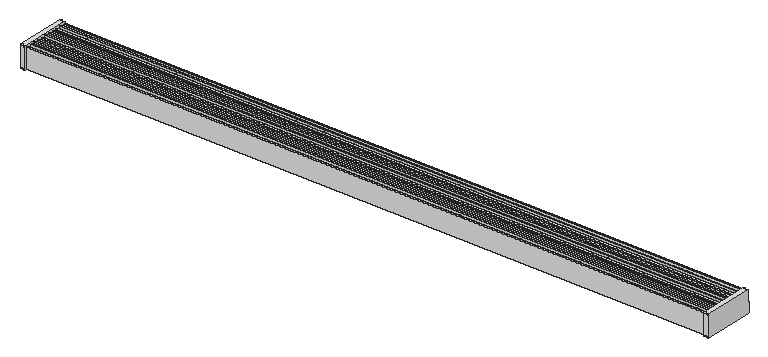
Revit family "Shower-Drain_Cover-KOHLER-Linear-K-80653_1", category Specialty Equipment, host Face, Revit 2017
Family settings
  Host = Face
  Round Connector Dimension = Use Diameter
  Part Type = Normal
  OmniClass Number = 23.31.25.00
  OmniClass Title = Toilet and Bath Specialties
  Cut with Voids When Loaded = No
  Shared = No
  Room Calculation Point = No
Parameters (values of type "SH-Bright Silver")
  Width = 36"  # constant formula
  WaterSense Certified = 1 = 0  # no
  URL = "https://www.us.kohler.com/us/"
  Type = 4
  Product Page URL = "http://www.us.kohler.com/us/catalog/productDetails.jsp?productId=80653"
  Product Name = "LINEAR"  # constant formula
  Product Documentation Link = "https://www.us.kohler.com/webassets/kpna/catalog/pdf/en/K-80653_spec_US-CA_Kohler_en.pdf"
  Model = if(Type = 1, "K-80653-2MB", if(Type = 2, "K-80653-BL", if(Type = 3, "K-80653-BNK", if(Type = 4, "K-80653-SH", "NA"))))  # "K-80653-SH"
  Material = "Aluminum"  # constant formula
  Master Format 2014 Name = "Toilet, Bath, and Laundry Accessories"  # constant formula
  Master Format 2014 = "10 28 00"  # constant formula
  Manufacturer Address = "KOHLER Co. 444 Highland Dr. Kohler, WI 53044"  # constant formula
  Manufacturer = "KOHLER Co."  # constant formula
  Length = 2 9/16"  # constant formula
  Height = 1 1/8"  # constant formula
  Finish = Kohler-Metal-SH-Bright_Silver
  Environmental Product Declaration = ""
  Description = "36 INCH LINEAR MEDIUM LINEAR DRAIN GRID"  # constant formula
  Default Elevation = 0"
  Declare Label = ""
  Date Modified = "04/13/2021"  # constant formula
  Date Created = "04/13/2021"  # constant formula
  Copyright = "Copyright KOHLER Co."  # constant formula
  Contact Us = "https://www.us.kohler.com/us/static/contact.jsp"
  Assembly Code = "C1030200"
  ADA Compliant = 1 = 0  # no
Reference planes (in)
  plane 1 "Center (Front/Back)": y = 0
  plane 2: z = 0
  plane 3 "Center (Left/Right)": x = 0
  plane 4: x = -18
  plane 5: y = 1.28125
  plane 6: y = 1.25
  plane 7: x = 18
  plane 8: y = -1.28125
  plane 9: y = -1.25
  plane 10: z = -1.125
Forms (in)
  Extrusion 1, void
    sketch origin (0, 0, 0) x (1, 0, 0) y (0, 1, 0)
      loop
        line (17.75, 1.25) -> (-17.75, 1.25) -> (-17.75, 1.295) -> (-18, 1.295) -> (-18, -1.295) -> (-17.75, -1.295) -> (-17.75, -1.25) -> (17.75, -1.25) -> (17.75, -1.295) -> (18, -1.295) -> (18, 1.295) -> (17.75, 1.295) -> (17.75, 1.25)
    from 0 to -1.15415
Dimensions and locks (in)
  "Width": plane 4 to plane 7
  "Length": plane 5 to plane 8
  plane 6 to plane 9 = 2 1/2"
  "Height": level to plane 10
  aligned and locked: plane 2 to host face
  aligned and locked: level to host face
Automatic sketch dimensions
  host sketch curve to host sketch curve = 96"  (x2)
  Extrusion 1 sketch curve to plane 4 = 0"
  plane 6 to Extrusion 1 sketch curve = 0"
  Extrusion 1 sketch curve to plane 9 = 0"
  Extrusion 1 sketch curve to plane 7 = 0"
  Extrusion 1 sketch curve to plane 4 = 1/4"  (x2)
  Extrusion 1 sketch curve to plane 7 = 1/4"  (x2)
  Extrusion 1 sketch curve to plane 8 = 0.01375"  (x2)
  Extrusion 1 sketch curve to plane 5 = 0.01375"  (x2)
Nested families (in)
  nested 1: "K-80653" at (0, 0, 0), type "K-80653"
Definition of nested family "K-80653"
  Parameters (values of type "K-80653")
    Material = none
  Reference planes (in)
    plane 1 "Center (Front/Back)": y = 0
    plane 2: z = 0
    plane 3 "Center (Left/Right)": x = 0
    plane 4: y = 1.28125
    plane 5: y = -1.28125
    plane 6: y = 1.25
    plane 7: y = -1.25
    plane 8: z = -1.125
    plane 9: x = -18
    plane 10: x = 18
  Forms (in)
    Extrusion 1, solid, material <- "Material", detail levels medium+fine
      sketch origin (0, 0, 0) x (0, 1, 0) y (0, 0, 1)
        loop
          arc (-1.255, 0) -> (-1.28328, -0.01172) -> (-1.295, -0.04) r 0.04
          line (-1.295, -0.04) -> (-1.295, -1.1)
          arc (-1.295, -1.1) -> (-1.28328, -1.12828) -> (-1.255, -1.14) r 0.04
          line (-1.255, -1.14) -> (1.255, -1.14)
          arc (1.255, -1.14) -> (1.28328, -1.12828) -> (1.295, -1.1) r 0.04
          line (1.295, -1.1) -> (1.295, -0.04)
          arc (1.295, -0.04) -> (1.28328, -0.01172) -> (1.255, 0) r 0.04
          line (1.255, 0) -> (-1.255, 0)
      from -18 to -17.75
    Extrusion 2, solid, material <- "Material", detail levels medium+fine
      sketch origin (0, 0, 0) x (0, 1, 0) y (0, 0, -1)
        loop
          line (-1.255, 0) -> (1.255, 0)
          arc (1.255, 0) -> (1.28328, 0.01172) -> (1.295, 0.04) r 0.04
          line (1.295, 0.04) -> (1.295, 1.1)
          arc (1.295, 1.1) -> (1.28328, 1.12828) -> (1.255, 1.14) r 0.04
          line (1.255, 1.14) -> (-1.255, 1.14)
          arc (-1.255, 1.14) -> (-1.28328, 1.12828) -> (-1.295, 1.1) r 0.04
          line (-1.295, 1.1) -> (-1.295, 0.04)
          arc (-1.295, 0.04) -> (-1.28328, 0.01172) -> (-1.255, 0) r 0.04
      from -18 to -17.75
    Extrusion 3, solid, material <- "Material", detail levels medium+fine
      sketch origin (0, 0, 0) x (0, 1, 0) y (0, 0, 1)
        loop
          line (0.92757, -0.175) -> (0.99243, -0.175) -> (1.01, -0.05) -> (0.91, -0.05) -> (0.92757, -0.175)
        loop
          line (1.15, -0.05) -> (1.15, -1.1) -> (1.25, -1.1) -> (1.25, -0.05) -> (1.15, -0.05)
        loop
          line (-1.15, -1.1) -> (-1.15, -0.05) -> (-1.25, -0.05) -> (-1.25, -1.1) -> (-1.15, -1.1)
        loop
          line (-0.99243, -0.175) -> (-0.92757, -0.175) -> (-0.91, -0.05) -> (-1.01, -0.05) -> (-0.99243, -0.175)
        loop
          line (-0.75243, -0.175) -> (-0.68757, -0.175) -> (-0.67, -0.05) -> (-0.77, -0.05) -> (-0.75243, -0.175)
        loop
          line (-0.51243, -0.175) -> (-0.44757, -0.175) -> (-0.43, -0.05) -> (-0.53, -0.05) -> (-0.51243, -0.175)
        loop
          line (-0.27243, -0.175) -> (-0.20757, -0.175) -> (-0.19, -0.05) -> (-0.29, -0.05) -> (-0.27243, -0.175)
        loop
          line (-0.03243, -0.175) -> (0.03243, -0.175) -> (0.05, -0.05) -> (-0.05, -0.05) -> (-0.03243, -0.175)
        loop
          line (0.20757, -0.175) -> (0.27243, -0.175) -> (0.29, -0.05) -> (0.19, -0.05) -> (0.20757, -0.175)
        loop
          line (0.44757, -0.175) -> (0.51243, -0.175) -> (0.53, -0.05) -> (0.43, -0.05) -> (0.44757, -0.175)
        loop
          line (0.68757, -0.175) -> (0.75243, -0.175) -> (0.77, -0.05) -> (0.67, -0.05) -> (0.68757, -0.175)
      from -17.75 to 17.75
    Extrusion 4, solid, material <- "Material", detail levels medium+fine
      sketch origin (0, 0, 0) x (1, 0, 0) y (0, 1, 0)
        loop
          arc (-17.23319, -1.04993) -> (-17.21588, -0.9708) -> (-17.16339, -0.90911) r 0.16707
          arc (-17.16339, -0.90911) -> (-17.13359, -0.875) -> (-17.1222, -0.83116) r 0.09854
          line (-17.1222, -0.83116) -> (-17.1222, 0.83109)
          arc (-17.1222, 0.83109) -> (-17.13358, 0.87497) -> (-17.16339, 0.90911) r 0.09854
          arc (-17.16339, 0.90911) -> (-17.21547, 0.96997) -> (-17.23324, 1.04807) r 0.16707
          arc (-17.23324, 1.04807) -> (-17.26189, 1.12003) -> (-17.33331, 1.15) r 0.10009
          line (-17.33331, 1.15) -> (-17.68588, 1.15)
          arc (-17.68588, 1.15) -> (-17.75597, 1.12097) -> (-17.785, 1.05088) r 0.09912
          line (-17.785, 1.05088) -> (-17.785, -1.04543)
          arc (-17.785, -1.04543) -> (-17.75437, -1.11937) -> (-17.68043, -1.15) r 0.10457
          line (-17.68043, -1.15) -> (-17.33036, -1.15)
          arc (-17.33036, -1.15) -> (-17.26062, -1.12051) -> (-17.23319, -1.04993) r 0.09721
        loop
          arc (-17.68588, 1.18125) -> (-17.77807, 1.14307) -> (-17.81625, 1.05088) r 0.13037
          line (-17.81625, 1.05088) -> (-17.81625, -1.04543)
          arc (-17.81625, -1.04543) -> (-17.77647, -1.14147) -> (-17.68043, -1.18125) r 0.13582
          line (-17.68043, -1.18125) -> (-17.33036, -1.18125)
          arc (-17.33036, -1.18125) -> (-17.2382, -1.14228) -> (-17.20196, -1.049) r 0.12846
          arc (-17.20196, -1.049) -> (-17.18788, -0.98468) -> (-17.14521, -0.93453) r 0.13582
          arc (-17.14521, -0.93453) -> (-17.10587, -0.88943) -> (-17.09095, -0.83148) r 0.12979
          line (-17.09095, -0.83148) -> (-17.09095, 0.83141)
          arc (-17.09095, 0.83141) -> (-17.10586, 0.8894) -> (-17.14521, 0.93453) r 0.12979
          arc (-17.14521, 0.93453) -> (-17.18755, 0.984) -> (-17.20199, 1.0475) r 0.13582
          arc (-17.20199, 1.0475) -> (-17.23959, 1.14192) -> (-17.33331, 1.18125) r 0.13134
          line (-17.33331, 1.18125) -> (-17.68588, 1.18125)
        loop
          circle (-17.0662, 1.045) r 0.09411
        loop
          arc (-16.89921, -1.04993) -> (-16.87178, -1.12051) -> (-16.80204, -1.15) r 0.09721
          line (-16.80204, -1.15) -> (-16.45197, -1.15)
          arc (-16.45197, -1.15) -> (-16.37803, -1.11937) -> (-16.3474, -1.04543) r 0.10457
          line (-16.3474, -1.04543) -> (-16.3474, 1.05088)
          arc (-16.3474, 1.05088) -> (-16.37643, 1.12097) -> (-16.44652, 1.15) r 0.09912
          line (-16.44652, 1.15) -> (-16.79909, 1.15)
          arc (-16.79909, 1.15) -> (-16.87051, 1.12003) -> (-16.89916, 1.04807) r 0.10009
          arc (-16.89916, 1.04807) -> (-16.91693, 0.96997) -> (-16.96901, 0.90911) r 0.16707
          arc (-16.96901, 0.90911) -> (-16.99882, 0.87497) -> (-17.0102, 0.83109) r 0.09854
          line (-17.0102, 0.83109) -> (-17.0102, -0.83116)
          arc (-17.0102, -0.83116) -> (-16.99881, -0.875) -> (-16.96901, -0.90911) r 0.09854
          arc (-16.96901, -0.90911) -> (-16.91652, -0.9708) -> (-16.89921, -1.04993) r 0.16707
        loop
          line (-16.44652, 1.18125) -> (-16.79909, 1.18125)
          arc (-16.79909, 1.18125) -> (-16.89281, 1.14192) -> (-16.93041, 1.0475) r 0.13134
          arc (-16.93041, 1.0475) -> (-16.94485, 0.984) -> (-16.98719, 0.93453) r 0.13582
          arc (-16.98719, 0.93453) -> (-17.02654, 0.8894) -> (-17.04145, 0.83141) r 0.12979
          line (-17.04145, 0.83141) -> (-17.04145, -0.83148)
          arc (-17.04145, -0.83148) -> (-17.02653, -0.88943) -> (-16.98719, -0.93453) r 0.12979
          arc (-16.98719, -0.93453) -> (-16.94452, -0.98468) -> (-16.93044, -1.049) r 0.13582
          arc (-16.93044, -1.049) -> (-16.8942, -1.14228) -> (-16.80204, -1.18125) r 0.12846
          line (-16.80204, -1.18125) -> (-16.45197, -1.18125)
          arc (-16.45197, -1.18125) -> (-16.35593, -1.14147) -> (-16.31615, -1.04543) r 0.13582
          line (-16.31615, -1.04543) -> (-16.31615, 1.05088)
          arc (-16.31615, 1.05088) -> (-16.35433, 1.14307) -> (-16.44652, 1.18125) r 0.13037
        loop
          circle (-17.0662, -1.045) r 0.09411
        loop
          arc (-15.68041, -1.04993) -> (-15.6631, -0.9708) -> (-15.6106, -0.90911) r 0.16707
          arc (-15.6106, -0.90911) -> (-15.5808, -0.875) -> (-15.56941, -0.83116) r 0.09854
          line (-15.56941, -0.83116) -> (-15.56941, 0.83109)
          arc (-15.56941, 0.83109) -> (-15.58079, 0.87497) -> (-15.6106, 0.90911) r 0.09854
          arc (-15.6106, 0.90911) -> (-15.66268, 0.96997) -> (-15.68045, 1.04807) r 0.16707
          arc (-15.68045, 1.04807) -> (-15.7091, 1.12003) -> (-15.78052, 1.15) r 0.10009
          line (-15.78052, 1.15) -> (-16.13309, 1.15)
          arc (-16.13309, 1.15) -> (-16.20318, 1.12097) -> (-16.23221, 1.05088) r 0.09912
          line (-16.23221, 1.05088) -> (-16.23221, -1.04543)
          arc (-16.23221, -1.04543) -> (-16.20158, -1.11937) -> (-16.12764, -1.15) r 0.10457
          line (-16.12764, -1.15) -> (-15.77757, -1.15)
          arc (-15.77757, -1.15) -> (-15.70783, -1.12051) -> (-15.68041, -1.04993) r 0.09721
        loop
          arc (-16.13309, 1.18125) -> (-16.22528, 1.14307) -> (-16.26346, 1.05088) r 0.13037
          line (-16.26346, 1.05088) -> (-16.26346, -1.04543)
          arc (-16.26346, -1.04543) -> (-16.22368, -1.14147) -> (-16.12764, -1.18125) r 0.13582
          line (-16.12764, -1.18125) -> (-15.77757, -1.18125)
          arc (-15.77757, -1.18125) -> (-15.68541, -1.14228) -> (-15.64917, -1.049) r 0.12846
          arc (-15.64917, -1.049) -> (-15.6351, -0.98468) -> (-15.59242, -0.93453) r 0.13582
          arc (-15.59242, -0.93453) -> (-15.55309, -0.88943) -> (-15.53816, -0.83148) r 0.12979
          line (-15.53816, -0.83148) -> (-15.53816, 0.83141)
          arc (-15.53816, 0.83141) -> (-15.55307, 0.8894) -> (-15.59242, 0.93453) r 0.12979
          arc (-15.59242, 0.93453) -> (-15.63476, 0.984) -> (-15.64921, 1.0475) r 0.13582
          arc (-15.64921, 1.0475) -> (-15.6868, 1.14192) -> (-15.78052, 1.18125) r 0.13134
          line (-15.78052, 1.18125) -> (-16.13309, 1.18125)
        loop
          circle (-15.51341, 1.045) r 0.09411
        loop
          arc (-15.34642, -1.04993) -> (-15.319, -1.12051) -> (-15.24925, -1.15) r 0.09721
          line (-15.24925, -1.15) -> (-14.89919, -1.15)
          arc (-14.89919, -1.15) -> (-14.82524, -1.11937) -> (-14.79461, -1.04543) r 0.10457
          line (-14.79461, -1.04543) -> (-14.79461, 1.05088)
          arc (-14.79461, 1.05088) -> (-14.82364, 1.12097) -> (-14.89373, 1.15) r 0.09912
          line (-14.89373, 1.15) -> (-15.2463, 1.15)
          arc (-15.2463, 1.15) -> (-15.31773, 1.12003) -> (-15.34638, 1.04807) r 0.10009
          arc (-15.34638, 1.04807) -> (-15.36414, 0.96997) -> (-15.41622, 0.90911) r 0.16707
          arc (-15.41622, 0.90911) -> (-15.44604, 0.87497) -> (-15.45741, 0.83109) r 0.09854
          line (-15.45741, 0.83109) -> (-15.45741, -0.83116)
          arc (-15.45741, -0.83116) -> (-15.44602, -0.875) -> (-15.41622, -0.90911) r 0.09854
          arc (-15.41622, -0.90911) -> (-15.36373, -0.9708) -> (-15.34642, -1.04993) r 0.16707
        loop
          line (-14.89373, 1.18125) -> (-15.2463, 1.18125)
          arc (-15.2463, 1.18125) -> (-15.34002, 1.14192) -> (-15.37762, 1.0475) r 0.13134
          arc (-15.37762, 1.0475) -> (-15.39207, 0.984) -> (-15.4344, 0.93453) r 0.13582
          arc (-15.4344, 0.93453) -> (-15.47376, 0.8894) -> (-15.48866, 0.83141) r 0.12979
          line (-15.48866, 0.83141) -> (-15.48866, -0.83148)
          arc (-15.48866, -0.83148) -> (-15.47374, -0.88943) -> (-15.4344, -0.93453) r 0.12979
          arc (-15.4344, -0.93453) -> (-15.39173, -0.98468) -> (-15.37766, -1.049) r 0.13582
          arc (-15.37766, -1.049) -> (-15.34142, -1.14228) -> (-15.24925, -1.18125) r 0.12846
          line (-15.24925, -1.18125) -> (-14.89919, -1.18125)
          arc (-14.89919, -1.18125) -> (-14.80315, -1.14147) -> (-14.76336, -1.04543) r 0.13582
          line (-14.76336, -1.04543) -> (-14.76336, 1.05088)
          arc (-14.76336, 1.05088) -> (-14.80155, 1.14307) -> (-14.89373, 1.18125) r 0.13037
        loop
          circle (-15.51341, -1.045) r 0.09411
        loop
          arc (-14.13062, -1.04993) -> (-14.11331, -0.9708) -> (-14.06081, -0.90911) r 0.16707
          arc (-14.06081, -0.90911) -> (-14.03101, -0.875) -> (-14.01962, -0.83116) r 0.09854
          line (-14.01962, -0.83116) -> (-14.01962, 0.83109)
          arc (-14.01962, 0.83109) -> (-14.031, 0.87497) -> (-14.06081, 0.90911) r 0.09854
          arc (-14.06081, 0.90911) -> (-14.11289, 0.96997) -> (-14.13066, 1.04807) r 0.16707
          arc (-14.13066, 1.04807) -> (-14.15931, 1.12003) -> (-14.23073, 1.15) r 0.10009
          line (-14.23073, 1.15) -> (-14.5833, 1.15)
          arc (-14.5833, 1.15) -> (-14.65339, 1.12097) -> (-14.68242, 1.05088) r 0.09912
          line (-14.68242, 1.05088) -> (-14.68242, -1.04543)
          arc (-14.68242, -1.04543) -> (-14.65179, -1.11937) -> (-14.57785, -1.15) r 0.10457
          line (-14.57785, -1.15) -> (-14.22778, -1.15)
          arc (-14.22778, -1.15) -> (-14.15804, -1.12051) -> (-14.13062, -1.04993) r 0.09721
        loop
          arc (-14.5833, 1.18125) -> (-14.67549, 1.14307) -> (-14.71367, 1.05088) r 0.13037
          line (-14.71367, 1.05088) -> (-14.71367, -1.04543)
          arc (-14.71367, -1.04543) -> (-14.67389, -1.14147) -> (-14.57785, -1.18125) r 0.13582
          line (-14.57785, -1.18125) -> (-14.22778, -1.18125)
          arc (-14.22778, -1.18125) -> (-14.13562, -1.14228) -> (-14.09938, -1.049) r 0.12846
          arc (-14.09938, -1.049) -> (-14.08531, -0.98468) -> (-14.04263, -0.93453) r 0.13582
          arc (-14.04263, -0.93453) -> (-14.0033, -0.88943) -> (-13.98837, -0.83148) r 0.12979
          line (-13.98837, -0.83148) -> (-13.98837, 0.83141)
          arc (-13.98837, 0.83141) -> (-14.00328, 0.8894) -> (-14.04263, 0.93453) r 0.12979
          arc (-14.04263, 0.93453) -> (-14.08497, 0.984) -> (-14.09942, 1.0475) r 0.13582
          arc (-14.09942, 1.0475) -> (-14.13701, 1.14192) -> (-14.23073, 1.18125) r 0.13134
          line (-14.23073, 1.18125) -> (-14.5833, 1.18125)
        loop
          circle (-13.96362, 1.045) r 0.09411
        loop
          arc (-13.79663, -1.04993) -> (-13.76921, -1.12051) -> (-13.69946, -1.15) r 0.09721
          line (-13.69946, -1.15) -> (-13.3494, -1.15)
          arc (-13.3494, -1.15) -> (-13.27545, -1.11937) -> (-13.24482, -1.04543) r 0.10457
          line (-13.24482, -1.04543) -> (-13.24482, 1.05088)
          arc (-13.24482, 1.05088) -> (-13.27385, 1.12097) -> (-13.34394, 1.15) r 0.09912
          line (-13.34394, 1.15) -> (-13.69651, 1.15)
          arc (-13.69651, 1.15) -> (-13.76794, 1.12003) -> (-13.79659, 1.04807) r 0.10009
          arc (-13.79659, 1.04807) -> (-13.81435, 0.96997) -> (-13.86643, 0.90911) r 0.16707
          arc (-13.86643, 0.90911) -> (-13.89625, 0.87497) -> (-13.90762, 0.83109) r 0.09854
          line (-13.90762, 0.83109) -> (-13.90762, -0.83116)
          arc (-13.90762, -0.83116) -> (-13.89623, -0.875) -> (-13.86643, -0.90911) r 0.09854
          arc (-13.86643, -0.90911) -> (-13.81394, -0.9708) -> (-13.79663, -1.04993) r 0.16707
        loop
          line (-13.34394, 1.18125) -> (-13.69651, 1.18125)
          arc (-13.69651, 1.18125) -> (-13.79023, 1.14192) -> (-13.82783, 1.0475) r 0.13134
          arc (-13.82783, 1.0475) -> (-13.84228, 0.984) -> (-13.88461, 0.93453) r 0.13582
          arc (-13.88461, 0.93453) -> (-13.92397, 0.8894) -> (-13.93887, 0.83141) r 0.12979
          line (-13.93887, 0.83141) -> (-13.93887, -0.83148)
          arc (-13.93887, -0.83148) -> (-13.92395, -0.88943) -> (-13.88461, -0.93453) r 0.12979
          arc (-13.88461, -0.93453) -> (-13.84194, -0.98468) -> (-13.82787, -1.049) r 0.13582
          arc (-13.82787, -1.049) -> (-13.79163, -1.14228) -> (-13.69946, -1.18125) r 0.12846
          line (-13.69946, -1.18125) -> (-13.3494, -1.18125)
          arc (-13.3494, -1.18125) -> (-13.25336, -1.14147) -> (-13.21357, -1.04543) r 0.13582
          line (-13.21357, -1.04543) -> (-13.21357, 1.05088)
          arc (-13.21357, 1.05088) -> (-13.25176, 1.14307) -> (-13.34394, 1.18125) r 0.13037
        loop
          circle (-13.96362, -1.045) r 0.09411
        loop
          line (-12.46926, -1.04784) -> (-12.46926, 1.05407)
          arc (-12.46926, 1.05407) -> (-12.49736, 1.1219) -> (-12.56519, 1.15) r 0.09593
          line (-12.56519, 1.15) -> (-13.03294, 1.15)
          arc (-13.03294, 1.15) -> (-13.10303, 1.12097) -> (-13.13206, 1.05088) r 0.09912
          line (-13.13206, 1.05088) -> (-13.13206, -1.04543)
          arc (-13.13206, -1.04543) -> (-13.10143, -1.11937) -> (-13.02749, -1.15) r 0.10457
          line (-13.02749, -1.15) -> (-12.57142, -1.15)
          arc (-12.57142, -1.15) -> (-12.49918, -1.12008) -> (-12.46926, -1.04784) r 0.10216
        loop
          arc (-13.03294, 1.18125) -> (-13.12512, 1.14307) -> (-13.16331, 1.05088) r 0.13037
          line (-13.16331, 1.05088) -> (-13.16331, -1.04543)
          arc (-13.16331, -1.04543) -> (-13.12353, -1.14147) -> (-13.02749, -1.18125) r 0.13582
          line (-13.02749, -1.18125) -> (-12.56547, -1.18125)
          arc (-12.56547, -1.18125) -> (-12.47534, -1.14392) -> (-12.43801, -1.05379) r 0.12746
          line (-12.43801, -1.05379) -> (-12.43801, 1.03678)
          arc (-12.43801, 1.03678) -> (-12.48032, 1.13893) -> (-12.58248, 1.18125) r 0.14447
          line (-12.58248, 1.18125) -> (-13.03294, 1.18125)
        loop
          arc (-12.35726, -1.04244) -> (-12.32575, -1.1185) -> (-12.24969, -1.15) r 0.10756
          line (-12.24969, -1.15) -> (-11.79903, -1.15)
          arc (-11.79903, -1.15) -> (-11.72509, -1.11937) -> (-11.69446, -1.04543) r 0.10457
          line (-11.69446, -1.04543) -> (-11.69446, 1.05088)
          arc (-11.69446, 1.05088) -> (-11.72349, 1.12097) -> (-11.79358, 1.15) r 0.09912
          line (-11.79358, 1.15) -> (-12.24557, 1.15)
          arc (-12.24557, 1.15) -> (-12.32455, 1.11729) -> (-12.35726, 1.03831) r 0.11169
          line (-12.35726, 1.03831) -> (-12.35726, -1.04244)
        loop
          line (-11.79358, 1.18125) -> (-12.23832, 1.18125)
          arc (-12.23832, 1.18125) -> (-12.34452, 1.13726) -> (-12.38851, 1.03106) r 0.15019
          line (-12.38851, 1.03106) -> (-12.38851, -1.04848)
          arc (-12.38851, -1.04848) -> (-12.34962, -1.14236) -> (-12.25574, -1.18125) r 0.13277
          line (-12.25574, -1.18125) -> (-11.79903, -1.18125)
          arc (-11.79903, -1.18125) -> (-11.70299, -1.14147) -> (-11.66321, -1.04543) r 0.13582
          line (-11.66321, -1.04543) -> (-11.66321, 1.05088)
          arc (-11.66321, 1.05088) -> (-11.70139, 1.14307) -> (-11.79358, 1.18125) r 0.13037
        loop
          arc (-11.02758, -1.04993) -> (-11.01027, -0.9708) -> (-10.95777, -0.90911) r 0.16707
          arc (-10.95777, -0.90911) -> (-10.92797, -0.875) -> (-10.91658, -0.83116) r 0.09854
          line (-10.91658, -0.83116) -> (-10.91658, 0.83109)
          arc (-10.91658, 0.83109) -> (-10.92796, 0.87497) -> (-10.95778, 0.90911) r 0.09854
          arc (-10.95778, 0.90911) -> (-11.00985, 0.96997) -> (-11.02762, 1.04807) r 0.16707
          arc (-11.02762, 1.04807) -> (-11.05627, 1.12003) -> (-11.12769, 1.15) r 0.10009
          line (-11.12769, 1.15) -> (-11.48026, 1.15)
          arc (-11.48026, 1.15) -> (-11.55035, 1.12097) -> (-11.57938, 1.05088) r 0.09912
          line (-11.57938, 1.05088) -> (-11.57938, -1.04543)
          arc (-11.57938, -1.04543) -> (-11.54876, -1.11937) -> (-11.47481, -1.15) r 0.10457
          line (-11.47481, -1.15) -> (-11.12474, -1.15)
          arc (-11.12474, -1.15) -> (-11.055, -1.12051) -> (-11.02758, -1.04993) r 0.09721
        loop
          arc (-11.48026, 1.18125) -> (-11.57245, 1.14307) -> (-11.61063, 1.05088) r 0.13037
          line (-11.61063, 1.05088) -> (-11.61063, -1.04543)
          arc (-11.61063, -1.04543) -> (-11.57085, -1.14147) -> (-11.47481, -1.18125) r 0.13582
          line (-11.47481, -1.18125) -> (-11.12474, -1.18125)
          arc (-11.12474, -1.18125) -> (-11.03258, -1.14228) -> (-10.99634, -1.049) r 0.12846
          arc (-10.99634, -1.049) -> (-10.98227, -0.98468) -> (-10.93959, -0.93453) r 0.13582
          arc (-10.93959, -0.93453) -> (-10.90026, -0.88943) -> (-10.88533, -0.83148) r 0.12979
          line (-10.88533, -0.83148) -> (-10.88533, 0.83141)
          arc (-10.88533, 0.83141) -> (-10.90024, 0.8894) -> (-10.9396, 0.93453) r 0.12979
          arc (-10.9396, 0.93453) -> (-10.98193, 0.984) -> (-10.99638, 1.0475) r 0.13582
          arc (-10.99638, 1.0475) -> (-11.03397, 1.14192) -> (-11.12769, 1.18125) r 0.13134
          line (-11.12769, 1.18125) -> (-11.48026, 1.18125)
        loop
          circle (-10.86058, 1.045) r 0.09411
        loop
          arc (-10.69359, -1.04993) -> (-10.66617, -1.12051) -> (-10.59643, -1.15) r 0.09721
          line (-10.59643, -1.15) -> (-10.24636, -1.15)
          arc (-10.24636, -1.15) -> (-10.17241, -1.11937) -> (-10.14178, -1.04543) r 0.10457
          line (-10.14178, -1.04543) -> (-10.14178, 1.05088)
          arc (-10.14178, 1.05088) -> (-10.17082, 1.12097) -> (-10.2409, 1.15) r 0.09912
          line (-10.2409, 1.15) -> (-10.59348, 1.15)
          arc (-10.59348, 1.15) -> (-10.6649, 1.12003) -> (-10.69355, 1.04807) r 0.10009
          arc (-10.69355, 1.04807) -> (-10.71132, 0.96997) -> (-10.76339, 0.90911) r 0.16707
          arc (-10.76339, 0.90911) -> (-10.79321, 0.87497) -> (-10.80458, 0.83109) r 0.09854
          line (-10.80458, 0.83109) -> (-10.80458, -0.83116)
          arc (-10.80458, -0.83116) -> (-10.7932, -0.875) -> (-10.76339, -0.90911) r 0.09854
          arc (-10.76339, -0.90911) -> (-10.7109, -0.9708) -> (-10.69359, -1.04993) r 0.16707
        loop
          line (-10.2409, 1.18125) -> (-10.59348, 1.18125)
          arc (-10.59348, 1.18125) -> (-10.6872, 1.14192) -> (-10.72479, 1.0475) r 0.13134
          arc (-10.72479, 1.0475) -> (-10.73924, 0.984) -> (-10.78157, 0.93453) r 0.13582
          arc (-10.78157, 0.93453) -> (-10.82093, 0.8894) -> (-10.83583, 0.83141) r 0.12979
          line (-10.83583, 0.83141) -> (-10.83583, -0.83148)
          arc (-10.83583, -0.83148) -> (-10.82091, -0.88943) -> (-10.78157, -0.93453) r 0.12979
          arc (-10.78157, -0.93453) -> (-10.7389, -0.98468) -> (-10.72483, -1.049) r 0.13582
          arc (-10.72483, -1.049) -> (-10.68859, -1.14228) -> (-10.59643, -1.18125) r 0.12846
          line (-10.59643, -1.18125) -> (-10.24636, -1.18125)
          arc (-10.24636, -1.18125) -> (-10.15032, -1.14147) -> (-10.11053, -1.04543) r 0.13582
          line (-10.11053, -1.04543) -> (-10.11053, 1.05088)
          arc (-10.11053, 1.05088) -> (-10.14872, 1.14307) -> (-10.2409, 1.18125) r 0.13037
        loop
          circle (-10.86058, -1.045) r 0.09411
        loop
          line (-9.36622, -1.04784) -> (-9.36622, 1.05407)
          arc (-9.36622, 1.05407) -> (-9.39432, 1.1219) -> (-9.46215, 1.15) r 0.09593
          line (-9.46215, 1.15) -> (-9.9299, 1.15)
          arc (-9.9299, 1.15) -> (-9.99999, 1.12097) -> (-10.02902, 1.05088) r 0.09912
          line (-10.02902, 1.05088) -> (-10.02902, -1.04543)
          arc (-10.02902, -1.04543) -> (-9.99839, -1.11937) -> (-9.92445, -1.15) r 0.10457
          line (-9.92445, -1.15) -> (-9.46838, -1.15)
          arc (-9.46838, -1.15) -> (-9.39614, -1.12008) -> (-9.36622, -1.04784) r 0.10216
        loop
          arc (-9.9299, 1.18125) -> (-10.02209, 1.14307) -> (-10.06027, 1.05088) r 0.13037
          line (-10.06027, 1.05088) -> (-10.06027, -1.04543)
          arc (-10.06027, -1.04543) -> (-10.02049, -1.14147) -> (-9.92445, -1.18125) r 0.13582
          line (-9.92445, -1.18125) -> (-9.46243, -1.18125)
          arc (-9.46243, -1.18125) -> (-9.3723, -1.14392) -> (-9.33497, -1.05379) r 0.12746
          line (-9.33497, -1.05379) -> (-9.33497, 1.03678)
          arc (-9.33497, 1.03678) -> (-9.37729, 1.13893) -> (-9.47944, 1.18125) r 0.14447
          line (-9.47944, 1.18125) -> (-9.9299, 1.18125)
        loop
          arc (-9.25422, -1.04244) -> (-9.22272, -1.1185) -> (-9.14666, -1.15) r 0.10756
          line (-9.14666, -1.15) -> (-8.69599, -1.15)
          arc (-8.69599, -1.15) -> (-8.62205, -1.11937) -> (-8.59142, -1.04543) r 0.10457
          line (-8.59142, -1.04543) -> (-8.59142, 1.05088)
          arc (-8.59142, 1.05088) -> (-8.62045, 1.12097) -> (-8.69054, 1.15) r 0.09912
          line (-8.69054, 1.15) -> (-9.14253, 1.15)
          arc (-9.14253, 1.15) -> (-9.22151, 1.11729) -> (-9.25422, 1.03831) r 0.11169
          line (-9.25422, 1.03831) -> (-9.25422, -1.04244)
        loop
          line (-8.69054, 1.18125) -> (-9.13528, 1.18125)
          arc (-9.13528, 1.18125) -> (-9.24148, 1.13726) -> (-9.28547, 1.03106) r 0.15019
          line (-9.28547, 1.03106) -> (-9.28547, -1.04848)
          arc (-9.28547, -1.04848) -> (-9.24658, -1.14236) -> (-9.1527, -1.18125) r 0.13277
          line (-9.1527, -1.18125) -> (-8.69599, -1.18125)
          arc (-8.69599, -1.18125) -> (-8.59995, -1.14147) -> (-8.56017, -1.04543) r 0.13582
          line (-8.56017, -1.04543) -> (-8.56017, 1.05088)
          arc (-8.56017, 1.05088) -> (-8.59835, 1.14307) -> (-8.69054, 1.18125) r 0.13037
        loop
          arc (-7.92597, -1.04993) -> (-7.90866, -0.9708) -> (-7.85617, -0.90911) r 0.16707
          arc (-7.85617, -0.90911) -> (-7.82637, -0.875) -> (-7.81498, -0.83116) r 0.09854
          line (-7.81498, -0.83116) -> (-7.81498, 0.83109)
          arc (-7.81498, 0.83109) -> (-7.82635, 0.87497) -> (-7.85617, 0.90911) r 0.09854
          arc (-7.85617, 0.90911) -> (-7.90825, 0.96997) -> (-7.92602, 1.04807) r 0.16707
          arc (-7.92602, 1.04807) -> (-7.95467, 1.12003) -> (-8.02609, 1.15) r 0.10009
          line (-8.02609, 1.15) -> (-8.37866, 1.15)
          arc (-8.37866, 1.15) -> (-8.44875, 1.12097) -> (-8.47778, 1.05088) r 0.09912
          line (-8.47778, 1.05088) -> (-8.47778, -1.04543)
          arc (-8.47778, -1.04543) -> (-8.44715, -1.11937) -> (-8.3732, -1.15) r 0.10457
          line (-8.3732, -1.15) -> (-8.02314, -1.15)
          arc (-8.02314, -1.15) -> (-7.95339, -1.12051) -> (-7.92597, -1.04993) r 0.09721
        loop
          arc (-8.37866, 1.18125) -> (-8.47084, 1.14307) -> (-8.50903, 1.05088) r 0.13037
          line (-8.50903, 1.05088) -> (-8.50903, -1.04543)
          arc (-8.50903, -1.04543) -> (-8.46925, -1.14147) -> (-8.3732, -1.18125) r 0.13582
          line (-8.3732, -1.18125) -> (-8.02314, -1.18125)
          arc (-8.02314, -1.18125) -> (-7.93097, -1.14228) -> (-7.89473, -1.049) r 0.12846
          arc (-7.89473, -1.049) -> (-7.88066, -0.98468) -> (-7.83799, -0.93453) r 0.13582
          arc (-7.83799, -0.93453) -> (-7.79865, -0.88943) -> (-7.78373, -0.83148) r 0.12979
          line (-7.78373, -0.83148) -> (-7.78373, 0.83141)
          arc (-7.78373, 0.83141) -> (-7.79863, 0.8894) -> (-7.83799, 0.93453) r 0.12979
          arc (-7.83799, 0.93453) -> (-7.88033, 0.984) -> (-7.89477, 1.0475) r 0.13582
          arc (-7.89477, 1.0475) -> (-7.93237, 1.14192) -> (-8.02609, 1.18125) r 0.13134
          line (-8.02609, 1.18125) -> (-8.37866, 1.18125)
        loop
          circle (-7.75898, 1.045) r 0.09411
        loop
          arc (-7.59199, -1.04993) -> (-7.56456, -1.12051) -> (-7.49482, -1.15) r 0.09721
          line (-7.49482, -1.15) -> (-7.14475, -1.15)
          arc (-7.14475, -1.15) -> (-7.07081, -1.11937) -> (-7.04018, -1.04543) r 0.10457
          line (-7.04018, -1.04543) -> (-7.04018, 1.05088)
          arc (-7.04018, 1.05088) -> (-7.06921, 1.12097) -> (-7.1393, 1.15) r 0.09912
          line (-7.1393, 1.15) -> (-7.49187, 1.15)
          arc (-7.49187, 1.15) -> (-7.56329, 1.12003) -> (-7.59194, 1.04807) r 0.10009
          arc (-7.59194, 1.04807) -> (-7.60971, 0.96997) -> (-7.66179, 0.90911) r 0.16707
          arc (-7.66179, 0.90911) -> (-7.6916, 0.87497) -> (-7.70298, 0.83109) r 0.09854
          line (-7.70298, 0.83109) -> (-7.70298, -0.83116)
          arc (-7.70298, -0.83116) -> (-7.69159, -0.875) -> (-7.66179, -0.90911) r 0.09854
          arc (-7.66179, -0.90911) -> (-7.6093, -0.9708) -> (-7.59199, -1.04993) r 0.16707
        loop
          line (-7.1393, 1.18125) -> (-7.49187, 1.18125)
          arc (-7.49187, 1.18125) -> (-7.58559, 1.14192) -> (-7.62319, 1.0475) r 0.13134
          arc (-7.62319, 1.0475) -> (-7.63763, 0.984) -> (-7.67997, 0.93453) r 0.13582
          arc (-7.67997, 0.93453) -> (-7.71932, 0.8894) -> (-7.73423, 0.83141) r 0.12979
          line (-7.73423, 0.83141) -> (-7.73423, -0.83148)
          arc (-7.73423, -0.83148) -> (-7.71931, -0.88943) -> (-7.67997, -0.93453) r 0.12979
          arc (-7.67997, -0.93453) -> (-7.63729, -0.98468) -> (-7.62322, -1.049) r 0.13582
          arc (-7.62322, -1.049) -> (-7.58698, -1.14228) -> (-7.49482, -1.18125) r 0.12846
          line (-7.49482, -1.18125) -> (-7.14475, -1.18125)
          arc (-7.14475, -1.18125) -> (-7.04871, -1.14147) -> (-7.00893, -1.04543) r 0.13582
          line (-7.00893, -1.04543) -> (-7.00893, 1.05088)
          arc (-7.00893, 1.05088) -> (-7.04711, 1.14307) -> (-7.1393, 1.18125) r 0.13037
        loop
          circle (-7.75898, -1.045) r 0.09411
        loop
          line (-6.26461, -1.04784) -> (-6.26461, 1.05407)
          arc (-6.26461, 1.05407) -> (-6.29271, 1.1219) -> (-6.36054, 1.15) r 0.09593
          line (-6.36054, 1.15) -> (-6.82829, 1.15)
          arc (-6.82829, 1.15) -> (-6.89838, 1.12097) -> (-6.92741, 1.05088) r 0.09912
          line (-6.92741, 1.05088) -> (-6.92741, -1.04543)
          arc (-6.92741, -1.04543) -> (-6.89679, -1.11937) -> (-6.82284, -1.15) r 0.10457
          line (-6.82284, -1.15) -> (-6.36677, -1.15)
          arc (-6.36677, -1.15) -> (-6.29454, -1.12008) -> (-6.26461, -1.04784) r 0.10216
        loop
          arc (-6.82829, 1.18125) -> (-6.92048, 1.14307) -> (-6.95866, 1.05088) r 0.13037
          line (-6.95866, 1.05088) -> (-6.95866, -1.04543)
          arc (-6.95866, -1.04543) -> (-6.91888, -1.14147) -> (-6.82284, -1.18125) r 0.13582
          line (-6.82284, -1.18125) -> (-6.36083, -1.18125)
          arc (-6.36083, -1.18125) -> (-6.2707, -1.14392) -> (-6.23336, -1.05379) r 0.12746
          line (-6.23336, -1.05379) -> (-6.23336, 1.03678)
          arc (-6.23336, 1.03678) -> (-6.27568, 1.13893) -> (-6.37784, 1.18125) r 0.14447
          line (-6.37784, 1.18125) -> (-6.82829, 1.18125)
        loop
          arc (-6.15261, -1.04244) -> (-6.12111, -1.1185) -> (-6.04505, -1.15) r 0.10756
          line (-6.04505, -1.15) -> (-5.59439, -1.15)
          arc (-5.59439, -1.15) -> (-5.52044, -1.11937) -> (-5.48981, -1.04543) r 0.10457
          line (-5.48981, -1.04543) -> (-5.48981, 1.05088)
          arc (-5.48981, 1.05088) -> (-5.51885, 1.12097) -> (-5.58893, 1.15) r 0.09912
          line (-5.58893, 1.15) -> (-6.04093, 1.15)
          arc (-6.04093, 1.15) -> (-6.1199, 1.11729) -> (-6.15261, 1.03831) r 0.11169
          line (-6.15261, 1.03831) -> (-6.15261, -1.04244)
        loop
          line (-5.58893, 1.18125) -> (-6.03368, 1.18125)
          arc (-6.03368, 1.18125) -> (-6.13987, 1.13726) -> (-6.18386, 1.03106) r 0.15019
          line (-6.18386, 1.03106) -> (-6.18386, -1.04848)
          arc (-6.18386, -1.04848) -> (-6.14498, -1.14236) -> (-6.05109, -1.18125) r 0.13277
          line (-6.05109, -1.18125) -> (-5.59439, -1.18125)
          arc (-5.59439, -1.18125) -> (-5.49835, -1.14147) -> (-5.45856, -1.04543) r 0.13582
          line (-5.45856, -1.04543) -> (-5.45856, 1.05088)
          arc (-5.45856, 1.05088) -> (-5.49675, 1.14307) -> (-5.58893, 1.18125) r 0.13037
        loop
          arc (-4.8212, -1.04993) -> (-4.80389, -0.9708) -> (-4.7514, -0.90911) r 0.16707
          arc (-4.7514, -0.90911) -> (-4.7216, -0.875) -> (-4.71021, -0.83116) r 0.09854
          line (-4.71021, -0.83116) -> (-4.71021, 0.83109)
          arc (-4.71021, 0.83109) -> (-4.72159, 0.87497) -> (-4.7514, 0.90911) r 0.09854
          arc (-4.7514, 0.90911) -> (-4.80348, 0.96997) -> (-4.82125, 1.04807) r 0.16707
          arc (-4.82125, 1.04807) -> (-4.8499, 1.12003) -> (-4.92132, 1.15) r 0.10009
          line (-4.92132, 1.15) -> (-5.27389, 1.15)
          arc (-5.27389, 1.15) -> (-5.34398, 1.12097) -> (-5.37301, 1.05088) r 0.09912
          line (-5.37301, 1.05088) -> (-5.37301, -1.04543)
          arc (-5.37301, -1.04543) -> (-5.34238, -1.11937) -> (-5.26844, -1.15) r 0.10457
          line (-5.26844, -1.15) -> (-4.91837, -1.15)
          arc (-4.91837, -1.15) -> (-4.84863, -1.12051) -> (-4.8212, -1.04993) r 0.09721
        loop
          arc (-5.27389, 1.18125) -> (-5.36608, 1.14307) -> (-5.40426, 1.05088) r 0.13037
          line (-5.40426, 1.05088) -> (-5.40426, -1.04543)
          arc (-5.40426, -1.04543) -> (-5.36448, -1.14147) -> (-5.26844, -1.18125) r 0.13582
          line (-5.26844, -1.18125) -> (-4.91837, -1.18125)
          arc (-4.91837, -1.18125) -> (-4.82621, -1.14228) -> (-4.78997, -1.049) r 0.12846
          arc (-4.78997, -1.049) -> (-4.7759, -0.98468) -> (-4.73322, -0.93453) r 0.13582
          arc (-4.73322, -0.93453) -> (-4.69388, -0.88943) -> (-4.67896, -0.83148) r 0.12979
          line (-4.67896, -0.83148) -> (-4.67896, 0.83141)
          arc (-4.67896, 0.83141) -> (-4.69387, 0.8894) -> (-4.73322, 0.93453) r 0.12979
          arc (-4.73322, 0.93453) -> (-4.77556, 0.984) -> (-4.79, 1.0475) r 0.13582
          arc (-4.79, 1.0475) -> (-4.8276, 1.14192) -> (-4.92132, 1.18125) r 0.13134
          line (-4.92132, 1.18125) -> (-5.27389, 1.18125)
        loop
          circle (-4.65421, 1.045) r 0.09411
        loop
          arc (-4.48722, -1.04993) -> (-4.45979, -1.12051) -> (-4.39005, -1.15) r 0.09721
          line (-4.39005, -1.15) -> (-4.03998, -1.15)
          arc (-4.03998, -1.15) -> (-3.96604, -1.11937) -> (-3.93541, -1.04543) r 0.10457
          line (-3.93541, -1.04543) -> (-3.93541, 1.05088)
          arc (-3.93541, 1.05088) -> (-3.96444, 1.12097) -> (-4.03453, 1.15) r 0.09912
          line (-4.03453, 1.15) -> (-4.3871, 1.15)
          arc (-4.3871, 1.15) -> (-4.45852, 1.12003) -> (-4.48717, 1.04807) r 0.10009
          arc (-4.48717, 1.04807) -> (-4.50494, 0.96997) -> (-4.55702, 0.90911) r 0.16707
          arc (-4.55702, 0.90911) -> (-4.58684, 0.87497) -> (-4.59821, 0.83109) r 0.09854
          line (-4.59821, 0.83109) -> (-4.59821, -0.83116)
          arc (-4.59821, -0.83116) -> (-4.58682, -0.875) -> (-4.55702, -0.90911) r 0.09854
          arc (-4.55702, -0.90911) -> (-4.50453, -0.9708) -> (-4.48722, -1.04993) r 0.16707
        loop
          line (-4.03453, 1.18125) -> (-4.3871, 1.18125)
          arc (-4.3871, 1.18125) -> (-4.48082, 1.14192) -> (-4.51842, 1.0475) r 0.13134
          arc (-4.51842, 1.0475) -> (-4.53286, 0.984) -> (-4.5752, 0.93453) r 0.13582
          arc (-4.5752, 0.93453) -> (-4.61455, 0.8894) -> (-4.62946, 0.83141) r 0.12979
          line (-4.62946, 0.83141) -> (-4.62946, -0.83148)
          arc (-4.62946, -0.83148) -> (-4.61454, -0.88943) -> (-4.5752, -0.93453) r 0.12979
          arc (-4.5752, -0.93453) -> (-4.53253, -0.98468) -> (-4.51845, -1.049) r 0.13582
          arc (-4.51845, -1.049) -> (-4.48222, -1.14228) -> (-4.39005, -1.18125) r 0.12846
          line (-4.39005, -1.18125) -> (-4.03998, -1.18125)
          arc (-4.03998, -1.18125) -> (-3.94394, -1.14147) -> (-3.90416, -1.04543) r 0.13582
          line (-3.90416, -1.04543) -> (-3.90416, 1.05088)
          arc (-3.90416, 1.05088) -> (-3.94235, 1.14307) -> (-4.03453, 1.18125) r 0.13037
        loop
          circle (-4.65421, -1.045) r 0.09411
        loop
          line (-3.15985, -1.04784) -> (-3.15985, 1.05407)
          arc (-3.15985, 1.05407) -> (-3.18794, 1.1219) -> (-3.25578, 1.15) r 0.09593
          line (-3.25578, 1.15) -> (-3.72353, 1.15)
          arc (-3.72353, 1.15) -> (-3.79362, 1.12097) -> (-3.82265, 1.05088) r 0.09912
          line (-3.82265, 1.05088) -> (-3.82265, -1.04543)
          arc (-3.82265, -1.04543) -> (-3.79202, -1.11937) -> (-3.71807, -1.15) r 0.10457
          line (-3.71807, -1.15) -> (-3.262, -1.15)
          arc (-3.262, -1.15) -> (-3.18977, -1.12008) -> (-3.15985, -1.04784) r 0.10216
        loop
          arc (-3.72353, 1.18125) -> (-3.81571, 1.14307) -> (-3.8539, 1.05088) r 0.13037
          line (-3.8539, 1.05088) -> (-3.8539, -1.04543)
          arc (-3.8539, -1.04543) -> (-3.81411, -1.14147) -> (-3.71807, -1.18125) r 0.13582
          line (-3.71807, -1.18125) -> (-3.25606, -1.18125)
          arc (-3.25606, -1.18125) -> (-3.16593, -1.14392) -> (-3.1286, -1.05379) r 0.12746
          line (-3.1286, -1.05379) -> (-3.1286, 1.03678)
          arc (-3.1286, 1.03678) -> (-3.17091, 1.13893) -> (-3.27307, 1.18125) r 0.14447
          line (-3.27307, 1.18125) -> (-3.72353, 1.18125)
        loop
          arc (-3.04785, -1.04244) -> (-3.01634, -1.1185) -> (-2.94028, -1.15) r 0.10756
          line (-2.94028, -1.15) -> (-2.48962, -1.15)
          arc (-2.48962, -1.15) -> (-2.41568, -1.11937) -> (-2.38505, -1.04543) r 0.10457
          line (-2.38505, -1.04543) -> (-2.38505, 1.05088)
          arc (-2.38505, 1.05088) -> (-2.41408, 1.12097) -> (-2.48417, 1.15) r 0.09912
          line (-2.48417, 1.15) -> (-2.93616, 1.15)
          arc (-2.93616, 1.15) -> (-3.01513, 1.11729) -> (-3.04785, 1.03831) r 0.11169
          line (-3.04785, 1.03831) -> (-3.04785, -1.04244)
        loop
          line (-2.48417, 1.18125) -> (-2.92891, 1.18125)
          arc (-2.92891, 1.18125) -> (-3.03511, 1.13726) -> (-3.0791, 1.03106) r 0.15019
          line (-3.0791, 1.03106) -> (-3.0791, -1.04848)
          arc (-3.0791, -1.04848) -> (-3.04021, -1.14236) -> (-2.94633, -1.18125) r 0.13277
          line (-2.94633, -1.18125) -> (-2.48962, -1.18125)
          arc (-2.48962, -1.18125) -> (-2.39358, -1.14147) -> (-2.3538, -1.04543) r 0.13582
          line (-2.3538, -1.04543) -> (-2.3538, 1.05088)
          arc (-2.3538, 1.05088) -> (-2.39198, 1.14307) -> (-2.48417, 1.18125) r 0.13037
        loop
          arc (-1.72269, -1.04993) -> (-1.70538, -0.9708) -> (-1.65289, -0.90911) r 0.16707
          arc (-1.65289, -0.90911) -> (-1.62309, -0.875) -> (-1.6117, -0.83116) r 0.09854
          line (-1.6117, -0.83116) -> (-1.6117, 0.83109)
          arc (-1.6117, 0.83109) -> (-1.62307, 0.87497) -> (-1.65289, 0.90911) r 0.09854
          arc (-1.65289, 0.90911) -> (-1.70497, 0.96997) -> (-1.72273, 1.04807) r 0.16707
          arc (-1.72273, 1.04807) -> (-1.75139, 1.12003) -> (-1.82281, 1.15) r 0.10009
          line (-1.82281, 1.15) -> (-2.17538, 1.15)
          arc (-2.17538, 1.15) -> (-2.24547, 1.12097) -> (-2.2745, 1.05088) r 0.09912
          line (-2.2745, 1.05088) -> (-2.2745, -1.04543)
          arc (-2.2745, -1.04543) -> (-2.24387, -1.11937) -> (-2.16992, -1.15) r 0.10457
          line (-2.16992, -1.15) -> (-1.81986, -1.15)
          arc (-1.81986, -1.15) -> (-1.75011, -1.12051) -> (-1.72269, -1.04993) r 0.09721
        loop
          arc (-2.17538, 1.18125) -> (-2.26756, 1.14307) -> (-2.30575, 1.05088) r 0.13037
          line (-2.30575, 1.05088) -> (-2.30575, -1.04543)
          arc (-2.30575, -1.04543) -> (-2.26597, -1.14147) -> (-2.16992, -1.18125) r 0.13582
          line (-2.16992, -1.18125) -> (-1.81986, -1.18125)
          arc (-1.81986, -1.18125) -> (-1.72769, -1.14228) -> (-1.69145, -1.049) r 0.12846
          arc (-1.69145, -1.049) -> (-1.67738, -0.98468) -> (-1.63471, -0.93453) r 0.13582
          arc (-1.63471, -0.93453) -> (-1.59537, -0.88943) -> (-1.58045, -0.83148) r 0.12979
          line (-1.58045, -0.83148) -> (-1.58045, 0.83141)
          arc (-1.58045, 0.83141) -> (-1.59535, 0.8894) -> (-1.63471, 0.93453) r 0.12979
          arc (-1.63471, 0.93453) -> (-1.67705, 0.984) -> (-1.69149, 1.0475) r 0.13582
          arc (-1.69149, 1.0475) -> (-1.72909, 1.14192) -> (-1.82281, 1.18125) r 0.13134
          line (-1.82281, 1.18125) -> (-2.17538, 1.18125)
        loop
          circle (-1.5557, 1.045) r 0.09411
        loop
          arc (-1.3887, -1.04993) -> (-1.36128, -1.12051) -> (-1.29154, -1.15) r 0.09721
          line (-1.29154, -1.15) -> (-0.94147, -1.15)
          arc (-0.94147, -1.15) -> (-0.86753, -1.11937) -> (-0.8369, -1.04543) r 0.10457
          line (-0.8369, -1.04543) -> (-0.8369, 1.05088)
          arc (-0.8369, 1.05088) -> (-0.86593, 1.12097) -> (-0.93602, 1.15) r 0.09912
          line (-0.93602, 1.15) -> (-1.28859, 1.15)
          arc (-1.28859, 1.15) -> (-1.36001, 1.12003) -> (-1.38866, 1.04807) r 0.10009
          arc (-1.38866, 1.04807) -> (-1.40643, 0.96997) -> (-1.45851, 0.90911) r 0.16707
          arc (-1.45851, 0.90911) -> (-1.48832, 0.87497) -> (-1.4997, 0.83109) r 0.09854
          line (-1.4997, 0.83109) -> (-1.4997, -0.83116)
          arc (-1.4997, -0.83116) -> (-1.48831, -0.875) -> (-1.45851, -0.90911) r 0.09854
          arc (-1.45851, -0.90911) -> (-1.40601, -0.9708) -> (-1.3887, -1.04993) r 0.16707
        loop
          line (-0.93602, 1.18125) -> (-1.28859, 1.18125)
          arc (-1.28859, 1.18125) -> (-1.38231, 1.14192) -> (-1.4199, 1.0475) r 0.13134
          arc (-1.4199, 1.0475) -> (-1.43435, 0.984) -> (-1.47669, 0.93453) r 0.13582
          arc (-1.47669, 0.93453) -> (-1.51604, 0.8894) -> (-1.53095, 0.83141) r 0.12979
          line (-1.53095, 0.83141) -> (-1.53095, -0.83148)
          arc (-1.53095, -0.83148) -> (-1.51602, -0.88943) -> (-1.47669, -0.93453) r 0.12979
          arc (-1.47669, -0.93453) -> (-1.43401, -0.98468) -> (-1.41994, -1.049) r 0.13582
          arc (-1.41994, -1.049) -> (-1.3837, -1.14228) -> (-1.29154, -1.18125) r 0.12846
          line (-1.29154, -1.18125) -> (-0.94147, -1.18125)
          arc (-0.94147, -1.18125) -> (-0.84543, -1.14147) -> (-0.80565, -1.04543) r 0.13582
          line (-0.80565, -1.04543) -> (-0.80565, 1.05088)
          arc (-0.80565, 1.05088) -> (-0.84383, 1.14307) -> (-0.93602, 1.18125) r 0.13037
        loop
          circle (-1.5557, -1.045) r 0.09411
        loop
          line (-0.06133, -1.04784) -> (-0.06133, 1.05407)
          arc (-0.06133, 1.05407) -> (-0.08943, 1.1219) -> (-0.15726, 1.15) r 0.09593
          line (-0.15726, 1.15) -> (-0.62501, 1.15)
          arc (-0.62501, 1.15) -> (-0.6951, 1.12097) -> (-0.72413, 1.05088) r 0.09912
          line (-0.72413, 1.05088) -> (-0.72413, -1.04543)
          arc (-0.72413, -1.04543) -> (-0.6935, -1.11937) -> (-0.61956, -1.15) r 0.10457
          line (-0.61956, -1.15) -> (-0.16349, -1.15)
          arc (-0.16349, -1.15) -> (-0.09125, -1.12008) -> (-0.06133, -1.04784) r 0.10216
        loop
          arc (-0.62501, 1.18125) -> (-0.7172, 1.14307) -> (-0.75538, 1.05088) r 0.13037
          line (-0.75538, 1.05088) -> (-0.75538, -1.04543)
          arc (-0.75538, -1.04543) -> (-0.7156, -1.14147) -> (-0.61956, -1.18125) r 0.13582
          line (-0.61956, -1.18125) -> (-0.15755, -1.18125)
          arc (-0.15755, -1.18125) -> (-0.06742, -1.14392) -> (-0.03008, -1.05379) r 0.12746
          line (-0.03008, -1.05379) -> (-0.03008, 1.03678)
          arc (-0.03008, 1.03678) -> (-0.0724, 1.13893) -> (-0.17456, 1.18125) r 0.14447
          line (-0.17456, 1.18125) -> (-0.62501, 1.18125)
        loop
          arc (17.23319, -1.04993) -> (17.26062, -1.12051) -> (17.33036, -1.15) r 0.09721
          line (17.33036, -1.15) -> (17.68043, -1.15)
          arc (17.68043, -1.15) -> (17.75437, -1.11937) -> (17.785, -1.04543) r 0.10457
          line (17.785, -1.04543) -> (17.785, 1.05088)
          arc (17.785, 1.05088) -> (17.75597, 1.12097) -> (17.68588, 1.15) r 0.09912
          line (17.68588, 1.15) -> (17.33331, 1.15)
          arc (17.33331, 1.15) -> (17.26189, 1.12003) -> (17.23324, 1.04807) r 0.10009
          arc (17.23324, 1.04807) -> (17.21547, 0.96997) -> (17.16339, 0.90911) r 0.16707
          arc (17.16339, 0.90911) -> (17.13358, 0.87497) -> (17.1222, 0.83109) r 0.09854
          line (17.1222, 0.83109) -> (17.1222, -0.83116)
          arc (17.1222, -0.83116) -> (17.13359, -0.875) -> (17.16339, -0.90911) r 0.09854
          arc (17.16339, -0.90911) -> (17.21588, -0.9708) -> (17.23319, -1.04993) r 0.16707
        loop
          line (17.68588, 1.18125) -> (17.33331, 1.18125)
          arc (17.33331, 1.18125) -> (17.23959, 1.14192) -> (17.20199, 1.0475) r 0.13134
          arc (17.20199, 1.0475) -> (17.18755, 0.984) -> (17.14521, 0.93453) r 0.13582
          arc (17.14521, 0.93453) -> (17.10586, 0.8894) -> (17.09095, 0.83141) r 0.12979
          line (17.09095, 0.83141) -> (17.09095, -0.83148)
          arc (17.09095, -0.83148) -> (17.10587, -0.88943) -> (17.14521, -0.93453) r 0.12979
          arc (17.14521, -0.93453) -> (17.18788, -0.98468) -> (17.20196, -1.049) r 0.13582
          arc (17.20196, -1.049) -> (17.2382, -1.14228) -> (17.33036, -1.18125) r 0.12846
          line (17.33036, -1.18125) -> (17.68043, -1.18125)
          arc (17.68043, -1.18125) -> (17.77647, -1.14147) -> (17.81625, -1.04543) r 0.13582
          line (17.81625, -1.04543) -> (17.81625, 1.05088)
          arc (17.81625, 1.05088) -> (17.77807, 1.14307) -> (17.68588, 1.18125) r 0.13037
        loop
          circle (17.0662, 1.045) r 0.09411
        loop
          arc (16.89921, -1.04993) -> (16.91652, -0.9708) -> (16.96901, -0.90911) r 0.16707
          arc (16.96901, -0.90911) -> (16.99881, -0.875) -> (17.0102, -0.83116) r 0.09854
          line (17.0102, -0.83116) -> (17.0102, 0.83109)
          arc (17.0102, 0.83109) -> (16.99882, 0.87497) -> (16.96901, 0.90911) r 0.09854
          arc (16.96901, 0.90911) -> (16.91693, 0.96997) -> (16.89916, 1.04807) r 0.16707
          arc (16.89916, 1.04807) -> (16.87051, 1.12003) -> (16.79909, 1.15) r 0.10009
          line (16.79909, 1.15) -> (16.44652, 1.15)
          arc (16.44652, 1.15) -> (16.37643, 1.12097) -> (16.3474, 1.05088) r 0.09912
          line (16.3474, 1.05088) -> (16.3474, -1.04543)
          arc (16.3474, -1.04543) -> (16.37803, -1.11937) -> (16.45197, -1.15) r 0.10457
          line (16.45197, -1.15) -> (16.80204, -1.15)
          arc (16.80204, -1.15) -> (16.87178, -1.12051) -> (16.89921, -1.04993) r 0.09721
        loop
          arc (16.44652, 1.18125) -> (16.35433, 1.14307) -> (16.31615, 1.05088) r 0.13037
          line (16.31615, 1.05088) -> (16.31615, -1.04543)
          arc (16.31615, -1.04543) -> (16.35593, -1.14147) -> (16.45197, -1.18125) r 0.13582
          line (16.45197, -1.18125) -> (16.80204, -1.18125)
          arc (16.80204, -1.18125) -> (16.8942, -1.14228) -> (16.93044, -1.049) r 0.12846
          arc (16.93044, -1.049) -> (16.94452, -0.98468) -> (16.98719, -0.93453) r 0.13582
          arc (16.98719, -0.93453) -> (17.02653, -0.88943) -> (17.04145, -0.83148) r 0.12979
          line (17.04145, -0.83148) -> (17.04145, 0.83141)
          arc (17.04145, 0.83141) -> (17.02654, 0.8894) -> (16.98719, 0.93453) r 0.12979
          arc (16.98719, 0.93453) -> (16.94485, 0.984) -> (16.93041, 1.0475) r 0.13582
          arc (16.93041, 1.0475) -> (16.89281, 1.14192) -> (16.79909, 1.18125) r 0.13134
          line (16.79909, 1.18125) -> (16.44652, 1.18125)
        loop
          circle (17.0662, -1.045) r 0.09411
        loop
          arc (15.68041, -1.04993) -> (15.70783, -1.12051) -> (15.77757, -1.15) r 0.09721
          line (15.77757, -1.15) -> (16.12764, -1.15)
          arc (16.12764, -1.15) -> (16.20158, -1.11937) -> (16.23221, -1.04543) r 0.10457
          line (16.23221, -1.04543) -> (16.23221, 1.05088)
          arc (16.23221, 1.05088) -> (16.20318, 1.12097) -> (16.13309, 1.15) r 0.09912
          line (16.13309, 1.15) -> (15.78052, 1.15)
          arc (15.78052, 1.15) -> (15.7091, 1.12003) -> (15.68045, 1.04807) r 0.10009
          arc (15.68045, 1.04807) -> (15.66268, 0.96997) -> (15.6106, 0.90911) r 0.16707
          arc (15.6106, 0.90911) -> (15.58079, 0.87497) -> (15.56941, 0.83109) r 0.09854
          line (15.56941, 0.83109) -> (15.56941, -0.83116)
          arc (15.56941, -0.83116) -> (15.5808, -0.875) -> (15.6106, -0.90911) r 0.09854
          arc (15.6106, -0.90911) -> (15.6631, -0.9708) -> (15.68041, -1.04993) r 0.16707
        loop
          line (16.13309, 1.18125) -> (15.78052, 1.18125)
          arc (15.78052, 1.18125) -> (15.6868, 1.14192) -> (15.64921, 1.0475) r 0.13134
          arc (15.64921, 1.0475) -> (15.63476, 0.984) -> (15.59242, 0.93453) r 0.13582
          arc (15.59242, 0.93453) -> (15.55307, 0.8894) -> (15.53816, 0.83141) r 0.12979
          line (15.53816, 0.83141) -> (15.53816, -0.83148)
          arc (15.53816, -0.83148) -> (15.55309, -0.88943) -> (15.59242, -0.93453) r 0.12979
          arc (15.59242, -0.93453) -> (15.6351, -0.98468) -> (15.64917, -1.049) r 0.13582
          arc (15.64917, -1.049) -> (15.68541, -1.14228) -> (15.77757, -1.18125) r 0.12846
          line (15.77757, -1.18125) -> (16.12764, -1.18125)
          arc (16.12764, -1.18125) -> (16.22368, -1.14147) -> (16.26346, -1.04543) r 0.13582
          line (16.26346, -1.04543) -> (16.26346, 1.05088)
          arc (16.26346, 1.05088) -> (16.22528, 1.14307) -> (16.13309, 1.18125) r 0.13037
        loop
          circle (15.51341, 1.045) r 0.09411
        loop
          arc (15.34642, -1.04993) -> (15.36373, -0.9708) -> (15.41622, -0.90911) r 0.16707
          arc (15.41622, -0.90911) -> (15.44602, -0.875) -> (15.45741, -0.83116) r 0.09854
          line (15.45741, -0.83116) -> (15.45741, 0.83109)
          arc (15.45741, 0.83109) -> (15.44604, 0.87497) -> (15.41622, 0.90911) r 0.09854
          arc (15.41622, 0.90911) -> (15.36414, 0.96997) -> (15.34638, 1.04807) r 0.16707
          arc (15.34638, 1.04807) -> (15.31773, 1.12003) -> (15.2463, 1.15) r 0.10009
          line (15.2463, 1.15) -> (14.89373, 1.15)
          arc (14.89373, 1.15) -> (14.82364, 1.12097) -> (14.79461, 1.05088) r 0.09912
          line (14.79461, 1.05088) -> (14.79461, -1.04543)
          arc (14.79461, -1.04543) -> (14.82524, -1.11937) -> (14.89919, -1.15) r 0.10457
          line (14.89919, -1.15) -> (15.24925, -1.15)
          arc (15.24925, -1.15) -> (15.319, -1.12051) -> (15.34642, -1.04993) r 0.09721
        loop
          arc (14.89373, 1.18125) -> (14.80155, 1.14307) -> (14.76336, 1.05088) r 0.13037
          line (14.76336, 1.05088) -> (14.76336, -1.04543)
          arc (14.76336, -1.04543) -> (14.80315, -1.14147) -> (14.89919, -1.18125) r 0.13582
          line (14.89919, -1.18125) -> (15.24925, -1.18125)
          arc (15.24925, -1.18125) -> (15.34142, -1.14228) -> (15.37766, -1.049) r 0.12846
          arc (15.37766, -1.049) -> (15.39173, -0.98468) -> (15.4344, -0.93453) r 0.13582
          arc (15.4344, -0.93453) -> (15.47374, -0.88943) -> (15.48866, -0.83148) r 0.12979
          line (15.48866, -0.83148) -> (15.48866, 0.83141)
          arc (15.48866, 0.83141) -> (15.47376, 0.8894) -> (15.4344, 0.93453) r 0.12979
          arc (15.4344, 0.93453) -> (15.39207, 0.984) -> (15.37762, 1.0475) r 0.13582
          arc (15.37762, 1.0475) -> (15.34002, 1.14192) -> (15.2463, 1.18125) r 0.13134
          line (15.2463, 1.18125) -> (14.89373, 1.18125)
        loop
          circle (15.51341, -1.045) r 0.09411
        loop
          arc (14.13062, -1.04993) -> (14.15804, -1.12051) -> (14.22778, -1.15) r 0.09721
          line (14.22778, -1.15) -> (14.57785, -1.15)
          arc (14.57785, -1.15) -> (14.65179, -1.11937) -> (14.68242, -1.04543) r 0.10457
          line (14.68242, -1.04543) -> (14.68242, 1.05088)
          arc (14.68242, 1.05088) -> (14.65339, 1.12097) -> (14.5833, 1.15) r 0.09912
          line (14.5833, 1.15) -> (14.23073, 1.15)
          arc (14.23073, 1.15) -> (14.15931, 1.12003) -> (14.13066, 1.04807) r 0.10009
          arc (14.13066, 1.04807) -> (14.11289, 0.96997) -> (14.06081, 0.90911) r 0.16707
          arc (14.06081, 0.90911) -> (14.031, 0.87497) -> (14.01962, 0.83109) r 0.09854
          line (14.01962, 0.83109) -> (14.01962, -0.83116)
          arc (14.01962, -0.83116) -> (14.03101, -0.875) -> (14.06081, -0.90911) r 0.09854
          arc (14.06081, -0.90911) -> (14.11331, -0.9708) -> (14.13062, -1.04993) r 0.16707
        loop
          line (14.5833, 1.18125) -> (14.23073, 1.18125)
          arc (14.23073, 1.18125) -> (14.13701, 1.14192) -> (14.09942, 1.0475) r 0.13134
          arc (14.09942, 1.0475) -> (14.08497, 0.984) -> (14.04263, 0.93453) r 0.13582
          arc (14.04263, 0.93453) -> (14.00328, 0.8894) -> (13.98837, 0.83141) r 0.12979
          line (13.98837, 0.83141) -> (13.98837, -0.83148)
          arc (13.98837, -0.83148) -> (14.0033, -0.88943) -> (14.04263, -0.93453) r 0.12979
          arc (14.04263, -0.93453) -> (14.08531, -0.98468) -> (14.09938, -1.049) r 0.13582
          arc (14.09938, -1.049) -> (14.13562, -1.14228) -> (14.22778, -1.18125) r 0.12846
          line (14.22778, -1.18125) -> (14.57785, -1.18125)
          arc (14.57785, -1.18125) -> (14.67389, -1.14147) -> (14.71367, -1.04543) r 0.13582
          line (14.71367, -1.04543) -> (14.71367, 1.05088)
          arc (14.71367, 1.05088) -> (14.67549, 1.14307) -> (14.5833, 1.18125) r 0.13037
        loop
          circle (13.96362, 1.045) r 0.09411
        loop
          arc (13.79663, -1.04993) -> (13.81394, -0.9708) -> (13.86643, -0.90911) r 0.16707
          arc (13.86643, -0.90911) -> (13.89623, -0.875) -> (13.90762, -0.83116) r 0.09854
          line (13.90762, -0.83116) -> (13.90762, 0.83109)
          arc (13.90762, 0.83109) -> (13.89625, 0.87497) -> (13.86643, 0.90911) r 0.09854
          arc (13.86643, 0.90911) -> (13.81435, 0.96997) -> (13.79659, 1.04807) r 0.16707
          arc (13.79659, 1.04807) -> (13.76794, 1.12003) -> (13.69651, 1.15) r 0.10009
